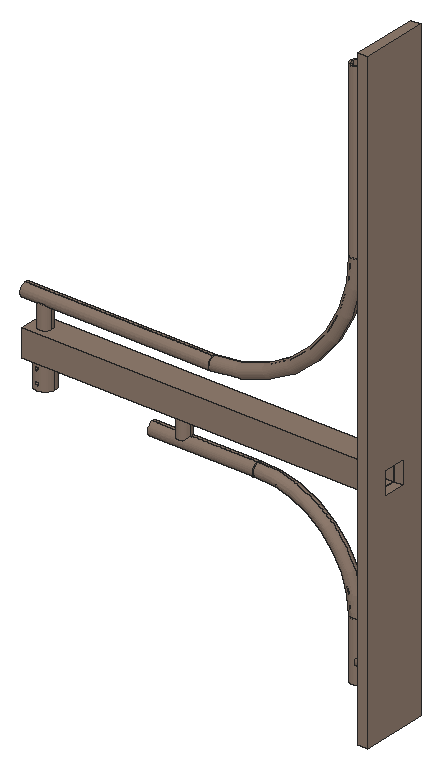
Revit family "WM359", category Generic Models, Revit 2014
Parameters
  ARM = Bronze, Architectural
Reference planes (in)
  plane 1 "Center (Front/Back)": y = 0
  plane 2: z = 0
  plane 3 "Center (Left/Right)": x = 0
Forms (in)
  Extrusion 1, solid, material "Bronze, Architectural" <- "ARM"
    sketch origin (1.25, -7.5, 0) x (0, 1, 0) y (0, 0, 1)
      loop
        line (5, 46.63) -> (5, 0) -> (10, 0) -> (10, 46.63) -> (5, 46.63)
    from -2 to -1.25
  Extrusion 2, solid, material "Bronze, Architectural" <- "ARM"
    sketch origin (1.25, 0, 0) x (1, 0, 0) y (0, 0, 1)
      loop
        line (-28.5, 18.13162) -> (-28.5, 16.13162) -> (-2, 16.13162) -> (-2, 18.13162) -> (-28.5, 18.13162)
    from -1 to 1
  Revolve 3, solid, material "Bronze, Architectural" <- "ARM"
    sketch origin (1.25, 0, 0) x (1, 0, 0) y (0, 0, 1)
      loop
        line (-3.53788, 40.66298) -> (-2, 40.66298) -> (-2, 41.16298) -> (-3.53788, 41.16298) -> (-3.53788, 40.66298)
      axis (-2, 40.66298) -> (-3.53788, 40.66298)
    angle from 0 to 360
  Revolve 4, solid, material "Bronze, Architectural" <- "ARM"
    sketch origin (1.25, 0, -36.60491) x (1, 0, 0) y (0, 0, 1)
      loop
        line (-3.82191, 40.66298) -> (-2, 40.66298) -> (-2, 41.16298) -> (-3.82191, 41.16298) -> (-3.82191, 40.66298)
      axis (-2, 40.66298) -> (-3.82191, 40.66298)
    angle from 0 to 360
  Revolve 5, solid, material "Bronze, Architectural" <- "ARM"
    sketch origin (1.25, 0, 0) x (1, 0, 0) y (0, 0, 1)
      loop
        line (-27.5, 19.87549) -> (-28, 19.87549) -> (-28, 18.13162) -> (-27.5, 18.13162) -> (-27.5, 19.87549)
      axis (-27.5, 18.13162) -> (-27.5, 19.87549)
    angle from 0 to 360
  Revolve 6, solid, material "Bronze, Architectural" <- "ARM"
    sketch origin (-43.31278, 0, 34.26326) x (-1, 0, 0) y (0, 0, -1)
      loop
        line (-27.5, 19.87549) -> (-28, 19.87549) -> (-28, 18.13162) -> (-27.5, 18.13162) -> (-27.5, 19.87549)
      axis (-27.5, 18.13162) -> (-27.5, 19.87549)
    angle from 0 to 360
  Revolve 7, solid, material "Bronze, Architectural" <- "ARM"
    sketch origin (1.25, 0, 0) x (1, 0, 0) y (0, 0, 1)
      loop
        line (-4.50022, 6.93004) -> (-4.50022, 2.47379) -> (-4.00011, 2.47379) -> (-4.00011, 6.93004) -> (-4.50022, 6.93004)
      axis (-4.00011, 6.93004) -> (-4.00011, 2.47379)
    angle from 0 to 360
  Revolve 8, solid, material "Bronze, Architectural" <- "ARM"
    sketch origin (1.25, 0, 0) x (1, 0, 0) y (0, 0, 1)
      loop
        line (-11.47719, 14.1396) -> (-19.38168, 14.1396) -> (-19.38168, 13.63953) -> (-11.47719, 13.63953) -> (-11.47719, 14.1396)
      axis (-11.47719, 14.1396) -> (-19.38168, 14.1396)
    angle from 0 to 360
  Revolve 9, solid, material "Bronze, Architectural" <- "ARM"
    sketch origin (1.25, 0, 0) x (1, 0, 0) y (0, 0, 1)
      loop
        line (-14.82802, 20.13162) -> (-29, 20.13162) -> (-29, 19.63162) -> (-14.82802, 19.63162) -> (-14.82802, 20.13162)
      axis (-14.82802, 20.13162) -> (-29, 20.13162)
    angle from 0 to 360
  Revolve 10, solid, material "Bronze, Architectural" <- "ARM"
    sketch origin (1.25, 0, 0) x (1, 0, 0) y (0, 0, 1)
      loop
        line (-4.0004, 31.22424) -> (-3.5, 31.22424) -> (-3.5, 44.15621) -> (-4.0004, 44.15621) -> (-4.0004, 31.22424)
      axis (-4.0004, 31.22424) -> (-4.0004, 44.15621)
    angle from 0 to 360
  Revolve 11, solid, material "Bronze, Architectural" <- "ARM"
    sketch origin (1.25, 0, 0) x (1, 0, 0) y (0, 0, 1)
      loop
        line (-27.5, 14.13162) -> (-26.75, 14.13162) -> (-26.75, 16.13162) -> (-27.5, 16.13162) -> (-27.5, 14.13162)
      axis (-27.5, 14.13162) -> (-27.5, 16.13162)
    angle from 0 to 360
  Revolve 12, void
    sketch origin (1.25, 0, 0) x (1, 0, 0) y (0, 0, 1)
      loop
        line (-27.5, 17.38162) -> (-27.5, 14.13162) -> (-26.875, 14.13162) -> (-26.875, 17.38162) -> (-27.5, 17.38162)
      axis (-27.5, 14.13162) -> (-27.5, 17.38162)
    angle from 0 to 360
  Extrusion 13, void
    sketch origin (1.25, 0, 0) x (1, 0, 0) y (0, 0, 1)
      loop
        circle (-27.5, 14.62162) r 0.13
      loop
        circle (-27.5, 15.62162) r 0.13
    from -0.78676 to 0.7841
  Revolve 14, void
    sketch origin (0, 0, 0) x (1, 0, 0) y (0, 0, 1)
      loop
        line (-2.7504, 31.22424) -> (-2.7504, 44.512) -> (-3.1254, 44.512) -> (-3.1254, 31.22424) -> (-2.7504, 31.22424)
      axis (-2.7504, 44.512) -> (-2.7504, 31.22424)
    angle from 0 to 360
  Revolve 15, void
    sketch origin (0, 0, 0) x (1, 0, 0) y (0, 0, 1)
      loop
        line (-13.57802, 20.13162) -> (-27.57802, 20.13162) -> (-27.57802, 19.75662) -> (-13.57802, 19.75662) -> (-13.57802, 20.13162)
      axis (-13.57802, 20.13162) -> (-27.57802, 20.13162)
    angle from 0 to 360
  Revolve 16, void
    sketch origin (0, 0, 0) x (1, 0, 0) y (0, 0, 1)
      loop
        line (-10.22719, 14.1396) -> (-18.05162, 14.1396) -> (-18.05162, 13.7646) -> (-10.22719, 13.7646) -> (-10.22719, 14.1396)
      axis (-18.05162, 14.1396) -> (-10.22719, 14.1396)
    angle from 0 to 360
  Revolve 17, void
    sketch origin (0, 0, 0) x (1, 0, 0) y (0, 0, 1)
      loop
        line (-2.75011, 2.47379) -> (-2.75011, 6.93004) -> (-3.12511, 6.93004) -> (-3.12511, 2.47379) -> (-2.75011, 2.47379)
      axis (-2.75011, 2.47379) -> (-2.75011, 6.93004)
    angle from 0 to 360
  Sweep 18, solid, material "Bronze, Architectural" <- "ARM"
    path origin (0, 0, 0) x (1, 0, 0) y (0, 0, 1)
      loop
        arc (-2.7504, 31.22424) -> (-5.90603, 23.4737) -> (-13.57802, 20.13162) r 11.09586
    profile origin (-5.90603, 0, 23.4737) x (0.715603, 0, -0.698507) y (0, -1, 0)
      loop
        circle (0, 0) r 0.5
      loop
        circle (0, 0) r 0.375
  Sweep 19, solid, material "Bronze, Architectural" <- "ARM"
    path origin (0, 0, 0) x (1, 0, 0) y (0, 0, 1)
      loop
        arc (-10.22719, 14.1396) -> (-4.95689, 12.12341) -> (-2.75011, 6.93004) r 7.21434
    profile origin (-4.95689, 0, 12.12341) x (0.694112, 0, 0.719867) y (0, -1, 0)
      loop
        circle (0, 0) r 0.5
      loop
        circle (0, 0) r 0.375
  Extrusion 20, void
    sketch origin (0, 0, 0) x (0, 1, 0) y (0, 0, 1)
      loop
        line (-0.875, 18.00662) -> (-0.875, 16.25662) -> (0.875, 16.25662) -> (0.875, 18.00662) -> (-0.875, 18.00662)
    from -27.1209 to 0.09908
Cuts and joins
  Revolve 17, Extrusion 20 cuts Extrusion 1
  Revolve 17 cuts Revolve 4
  Revolve 17 cuts Revolve 7
  joined: Extrusion 1, Revolve 4, Revolve 7
  Revolve 12, Extrusion 20 cuts Extrusion 2
  Revolve 12, Extrusion 13 cuts Revolve 11
  Revolve 14 cuts Revolve 10
  Revolve 15 cuts Revolve 5
  Revolve 15 cuts Revolve 9
  Revolve 16 cuts Revolve 6
  Revolve 16 cuts Revolve 8
Lines and regions (in)
  model lines
    curve 1: line (-0.75, 0, 4.55807) -> (-0.75, 0, 3.55807)
    curve 2: line (-0.75, 0, 18.13162) -> (-0.75, 0, 16.13162)
Dimensions and locks (in)
  aligned and locked: plane 2 to level
  aligned and locked: Revolve 9 to Revolve 15 sketch curve
